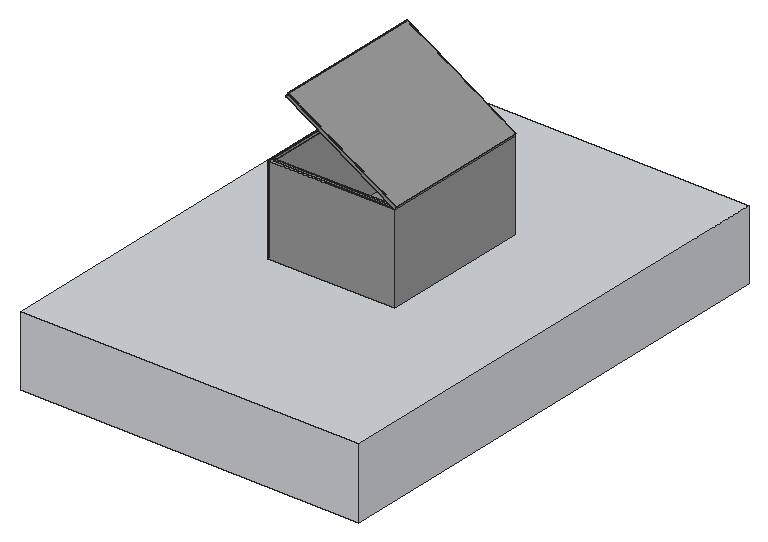
Revit family "Hager-Univers-IP55-D400-H650-Cl.II-Steel_encl-PL-en", category Equipement électrique, Revit 2020
Family settings
  Hôte = Face
  Configuration du panneau = Deux colonnes, circuits au sein
  Cote de connecteur circulaire = Utiliser le diamètre
  Type d'élément = Tableau de raccordement
  Couper avec des vides une fois chargée = Non
  Partagée = Non
  Point de calcul de pièce = Non
Parameters (values of type "Surface mounted (plaster) IP55 W550 H650 D400  - FR42H")
  Width Control [instance] = if([EF000008 - Width] > Min Width, [EF000008 - Width], Min Width)  # 550 mm
  Commentaires du type = [HG000003 - Range]  # "Univers"
  Thickness Door [instance] = if([EF009171 - Material plate thickness door/cover] > 3 mm, 3 mm, [EF009171 - Material plate thickness door/cover])  # 1.5 mm
  Seal Frame Offset [instance] = 17 mm  # constant formula
  Plinth Visibility [instance] = [HG000027 - Plinth height] > 0 mm  # no
  Model = ""
  Min Width [instance] = 100 mm  # constant formula
  Min Height [instance] = 100 mm  # constant formula
  Min Depth [instance] = (2 * [EF009170 - Material plate thickness cabinet]) + 1 mm  # 4 mm
  Internal Frame Depth [instance] = (Door System Depth * 0.5)  # 9 mm
  Height Control [instance] = if([EF000040 - Height] > Min Height, [EF000040 - Height], Min Height)  # 650 mm
  HG000027 - Plinth height = 0 mm
  HG000026 - Floor standing = no
  HG000024 - Bottom section height = 800 mm
  HG000023 - Double section enclosure = no
  HG000016 - Door 3d visibility [instance] = yes
  HG000015 - Clearance visibility [instance] = no
  HG000014 - Door on the right [instance] = yes
  HG000013 - Door on the left [instance] = not([HG000014 - Door on the right])  # no
  HG000012 - Door swing angle [instance] = 30.00°
  HG000010 - Asymmetric doors = no
  HG000009 - Double swing door = no
  HG000006 - Flush mounted = no
  HG000004 - Manufacturer reference = "FR42H"
  HG000003 - Range = "Univers"
  HG000002 - With door or cover = yes
  Frame Offset Bottom [instance] = 10 mm  # constant formula
  Frame Offset [instance] = 15 mm  # constant formula
  EF015940 - Cover with overpressure release = no
  EF011959 - Degree of protection (NEMA) = ""
  EF009554 - Number of openings for flange plates = 4
  EF009212 - Cover model = "EV000116 - Closed"
  EF009171 - Material plate thickness door/cover = 1.5 mm
  EF009170 - Material plate thickness cabinet = 1.5 mm
  Fabricant = "Hager"  # constant formula
  EF008873 - Nominal current (In) = 800 A
  EF007800 - Suitable for lightning protection = no
  EF006306 - With lock = no
  EF006244 - Transparent cover/door = no
  EF005474 - Degree of protection (IP) = "EV006420 - IP55"
  EF004464 - Type of door = "EV002646 - Single"
  EF004427 - Number of modules = 96
  EF004293 - Impact strength = "EV008784 - IK10"
  EF003532 - Suitable for outdoor use = no
  EF002950 - Width in number of modular spacings = 2
  EF001613 - Circuit integrity = "EV000494 - None"
  EF001596 - Material housing = "EV000179 - Steel"
  EF001131 - Internal depth = 400 mm
  EF001088 - Extension possible = yes
  EF000437 - Number of conduit inlets = 4
  EF000339 - Type of cover = "EV004216 - Door"
  EF000266 - Number of rows = 4
  EF000218 - Built-in depth = 0 mm
  EF000118 - With mounting plate = no
  EF000116 - RAL-number = "7035"
  EF000049 - Depth = 400 mm
  EF000040 - Height = 650 mm
  EF000008 - Width = 550 mm
  EF000007 - Colour = "EV000270 - Grey"
  EF000003 - Mounting method = "EV000384 - Surface mounted (plaster)"
  Door System Leaf Tolerance [instance] = 1.5 mm  # constant formula
  Door System Depth [instance] = 18 mm  # constant formula
  Door Height [instance] = Height Control - [HG000027 - Plinth height]  # 650 mm
  Depth Control [instance] = if([EF000049 - Depth] > Min Depth, [EF000049 - Depth], Min Depth)  # 400 mm
  Default Elevation = 0 mm
  Connector Offset [instance] = Height Control / 2  # 325 mm
  Bottom Top Plate Trim [instance] = 1.5 mm  # constant formula
  Plinth height Ctrl [instance] = if([HG000027 - Plinth height] > 0 mm, [HG000027 - Plinth height], 12 mm)  # 12 mm
Types (3, lengths in mm): name | Width Control | HG000009 - Double swing door | HG000004 - Manufacturer reference | EF009554 - Number of openings for flange plates | EF004464 - Type of door | EF004427 - Number of modules | EF002950 - Width in number of modular spacings | EF000437 - Number of conduit inlets | EF000008 - Width
  Surface mounted (plaster) IP55 W1050 H650 D400  - FR44H | 1050 | no | "FR44H" | 8 | "EV002646 - Single" | 288 | 4 | 8 | 1050
  Surface mounted (plaster) IP55 W1550 H650 D400  - FR46H | 1550 | yes | "FR46H" | 12 | "EV003602 - Double" | 192 | 6 | 12 | 1550
  Surface mounted (plaster) IP55 W550 H650 D400  - FR42H | 550 | no | "FR42H" | 4 | "EV002646 - Single" | 96 | 2 | 4 | 550
Reference planes
  plane 1 "Center (Front/Back)": y = 0
  plane 2: z = 0
  plane 3 "Center (Left/Right)": x = 0
  plane 4: z = 400
  plane 5: y = 1.5
  plane 6: y = 325
  plane 7: y = 0
  plane 8: y = 650
  plane 9: z = 0
  plane 10: x = -260
  plane 11: x = 260
  plane 12: x = 258.5
  plane 13: x = -258.5
  plane 14: y = 648.5
  plane 15: x = -258
  plane 16: x = -275
  plane 17: x = 258
  plane 18: x = 275
  plane 19: x = 273.5
  plane 20: x = -273.5
  plane 21: y = 11.5
  plane 22: y = 650
  plane 23: y = 633.5
  plane 24: z = 382
  plane 25: z = 1.5
  plane 26: z = 380.5
  plane 27: z = 398.5
Forms (mm)
  Extrusion 1, solid
    sketch origin (0, 0, 0) x (1, 0, 0) y (0, 1, 0)
      loop
        line (-702.964, 1305) -> (-702.964, -811.445) -> (766.763, -811.445) -> (766.763, 1305) -> (-702.964, 1305)
    from 0 to -304.8
  Extrusion 2, solid, material "Hager_Steel_RAL7035_Light_Grey", visible <- "Plinth Visibility", detail levels medium+fine
    sketch origin (0, 0, 0) x (1, 0, 0) y (0, 1, 0)
      loop
        line (-275, 0) -> (275, 0) -> (275, 12) -> (-275, 12) -> (-275, 0)
    from 0 to 382
  Extrusion 3, solid, material "Hager_Steel_RAL7035_Light_Grey", detail levels medium+fine
    sketch origin (0, 0, 0) x (1, 0, 0) y (0, 1, 0)
      loop
        line (-275, 0) -> (275, 0) -> (275, 650) -> (-275, 650) -> (-275, 0)
    from 0 to 382
  Extrusion 4, void
    sketch origin (0, 0, 0) x (1, 0, 0) y (0, 1, 0)
      loop
        line (-273.5, 1.5) -> (273.5, 1.5) -> (273.5, 648.5) -> (-273.5, 648.5) -> (-273.5, 1.5)
    from 1.5 to 380.5
  Extrusion 5, void
    sketch origin (-381.607, -4572, 382) x (0, -1, 0) y (-1, 0, 0)
      loop
        line (-4583.5, -123.107) -> (-5205.5, -123.107) -> (-5205.5, -640.107) -> (-4583.5, -640.107) -> (-4583.5, -123.107)
    from 0 to 1.5 <- "EF009170 - Material plate thickness cabinet"
  Extrusion 6, solid, material "Hager_Steel_RAL7035_Light_Grey", detail levels fine
    sketch origin (0, 0, 382) x (1, 0, 0) y (0, 1, 0)
      loop
        line (-258.5, 633.5) -> (-258.5, 11.5) -> (258.5, 11.5) -> (258.5, 633.5) -> (-258.5, 633.5)
      loop
        line (-260, 10) -> (260, 10) -> (260, 635) -> (-260, 635) -> (-260, 10)
    from 0 to 9 <- "Internal Frame Depth"
  Extrusion 7, solid, material "Hager_Steel_RAL7035_Light_Grey", detail levels coarse
    sketch origin (0, 0, 0) x (1, 0, 0) y (0, 1, 0)
      loop
        line (-275, 0) -> (275, 0) -> (275, 650) -> (-275, 650) -> (-275, 0)
    from 0 to 400
  Sweep 8, void
    path in 3D
      loop
        line (-275, 12, 0) -> (275, 12, 0) -> (275, 12, 382) -> (-275, 12, 382) -> (-275, 12, 0)
    profile origin (-275, 12, 191) x (-1, 0, 0) y (0, -1, 0)
      loop
        line (0, 0) -> (0, 1.5) -> (-1.5, 1.5)
        arc (-1.5, 1.5) -> (-1.061, 0.439) -> (0, 0) r 1.5
Cuts and joins
  Extrusion 4, Extrusion 5 cuts Extrusion 3
  Sweep 8 cuts Extrusion 2
Lines and regions (mm)
  Masking region 1
    outline origin (0, 0, 0) x (1, 0, 0) y (0, 0, 1)
      loop
        line (-275, 400) -> (-275, 0) -> (275, 0) -> (275, 400) -> (-275, 400)
  Masking region 2, detail levels medium+fine
    outline origin (0, 140, 0) x (0, 1, 0) y (0, 0, 1)
      loop
        line (-140, 0) -> (510, 0) -> (510, 382) -> (-140, 382) -> (-140, 0)
  Masking region 3, not visible, detail levels medium+fine
    outline origin (0, 297.922, 0) x (0, 1, 0) y (0, 0, 1)
      loop
        line (38.578, 0) -> (78.578, 0) -> (78.578, 388.5)
        arc (78.578, 388.5) -> (75.649, 395.571) -> (68.578, 398.5) r 10
        line (68.578, 398.5) -> (38.578, 398.5) -> (38.578, 0)
  Masking region 4, detail levels coarse
    outline origin (0, 0, 180) x (0, 1, 0) y (0, 0, 1)
      loop
        line (0, -180) -> (650, -180) -> (650, 220) -> (0, 220) -> (0, -180)
  Masking region 5, visible <- "Plinth Visibility", detail levels medium+fine
    outline origin (0, 52.24, 12.345) x (0, 0, -1) y (0, 1, 0)
      loop
        line (10.845, -40.24) -> (-368.155, -40.24)
        arc (-368.155, -40.24) -> (-368.594, -41.301) -> (-369.655, -41.74) r 1.5
        line (-369.655, -41.74) -> (-369.655, -52.24) -> (12.345, -52.24) -> (12.345, -41.74)
        arc (12.345, -41.74) -> (11.285, -41.301) -> (10.845, -40.24) r 1.5
  Masking region 6, detail levels medium+fine
    outline origin (-381.607, -4572, 382) x (-1, 0, 0) y (0, -1, 0)
      loop
        line (-106.607, -5222) -> (-106.607, -4572) -> (-656.607, -4572) -> (-656.607, -5222) -> (-106.607, -5222)
  Masking region 7, visible <- "Plinth Visibility", detail levels medium+fine
    outline origin (-381.607, -4727, 382) x (-1, 0, 0) y (0, -1, 0)
      loop
        arc (-108.107, -4739) -> (-107.668, -4737.939) -> (-106.607, -4737.5) r 1.5
        line (-106.607, -4737.5) -> (-106.607, -4727) -> (-656.607, -4727) -> (-656.607, -4737.5)
        arc (-656.607, -4737.5) -> (-655.546, -4737.939) -> (-655.107, -4739) r 1.5
        line (-655.107, -4739) -> (-108.107, -4739)
  Masking region 8, detail levels coarse
    outline origin (-442.548, -4669.526, 382) x (-1, 0, 0) y (0, -1, 0)
      loop
        line (-167.548, -5319.526) -> (-167.548, -4669.526) -> (-717.548, -4669.526) -> (-717.548, -5319.526) -> (-167.548, -5319.526)
  sketch lines
    curve 1: line (-275, 12, 382) -> (-275, 12, 0)
    curve 2: line (275, 12, 382) -> (-275, 12, 382)
    curve 3: line (275, 12, 382) -> (275, 12, 0)
    curve 4: line (-275, 12, 0) -> (275, 12, 0)
Dimensions and locks
  "Depth Control": plane 4 to Extrusion 1
  "HG000027 - Plinth height": plane 1 "Center (Front/Back)" to plane 7
  "EF009170 - Material plate thickness cabinet": plane 5 to plane 7
  locked: connector elem to plane 3 "Center (Left/Right)"
  equal spacing: plane 8, plane 6, plane 7
  locked: connector elem to plane 6
  "EF009170 - Material plate thickness cabinet": plane 8 to plane 14
  "EF009170 - Material plate thickness cabinet": plane 10 to plane 13
  "EF009170 - Material plate thickness cabinet": plane 12 to plane 11
  "Frame Offset": plane 20 to plane 13
  "Frame Offset": plane 12 to plane 19
  "EF009170 - Material plate thickness cabinet": plane 16 to plane 20
  "EF009170 - Material plate thickness cabinet": plane 19 to plane 18
  "Seal Frame Offset": plane 16 to plane 15
  "Seal Frame Offset": plane 17 to plane 18
  "Frame Offset Bottom": plane 21 to plane 5
  "Frame Offset": plane 14 to plane 23
  equal spacing: plane 16, plane 3 "Center (Left/Right)", plane 18
  "Width Control": plane 16 to plane 18
  "EF009170 - Material plate thickness cabinet": plane 4 to plane 27
  "EF009170 - Material plate thickness cabinet": plane 24 to plane 26
  "EF009170 - Material plate thickness cabinet": plane 25 to level
  "Door System Depth": plane 4 to plane 24
  "Height Control": plane 1 "Center (Front/Back)" to Extrusion 7 sketch curve
  "Height Control": Masking region 4 sketch curve to plane 1 "Center (Front/Back)"
  "Height Control": plane 1 "Center (Front/Back)" to plane 22
  "Bottom Top Plate Trim": profile plane to Sweep 8 sketch curve
  "Bottom Top Plate Trim": Sweep 8 sketch curve to profile plane
  "Plinth height Ctrl": plane 1 "Center (Front/Back)" to Extrusion 2 sketch curve
  "Plinth height Ctrl": Masking region 5 sketch curve to plane 1 "Center (Front/Back)"
  "Plinth height Ctrl": plane 1 "Center (Front/Back)" to Masking region 7 sketch curve
  "Thickness Door": Extrusion 6 sketch curve to Extrusion 6 sketch curve  (x3)
  "Thickness Door": cut or joined group of Extrusion 3, Extrusion 4, Extrusion 5 to Extrusion 6 sketch curve
  radius of Masking region 3 sketch curve = 10 mm
  "Bottom Top Plate Trim": radius of Masking region 5 sketch curve  (x2)
  "Bottom Top Plate Trim": radius of Sweep 8 sketch curve
  "Bottom Top Plate Trim": radius of Masking region 7 sketch curve  (x2)
  aligned and locked: plane 2 to Extrusion 1
  aligned and locked: level to Extrusion 1
  aligned and locked: level to Masking region 1 sketch curve
  aligned and locked: Masking region 1 sketch curve to plane 18
  aligned and locked: Masking region 1 sketch curve to plane 16
  aligned and locked: plane 7 to Masking region 2 sketch curve
  aligned and locked: level to Masking region 3 sketch curve
  aligned and locked: Masking region 3 sketch curve to plane 27
  aligned and locked: level to Masking region 2 sketch curve
  aligned and locked: plane 1 "Center (Front/Back)" to Extrusion 2 sketch curve
  aligned and locked: Extrusion 3 sketch curve to plane 7
  aligned and locked: plane 16 to Extrusion 3 sketch curve
  aligned and locked: plane 18 to Extrusion 3 sketch curve
  aligned and locked: plane 20 to Extrusion 4 sketch curve
  aligned and locked: plane 19 to Extrusion 4 sketch curve
  aligned and locked: Extrusion 4 sketch curve to plane 5
  aligned and locked: Extrusion 4 to plane 25
  aligned and locked: plane 26 to Extrusion 4
  aligned and locked: plane 24 to Extrusion 3
  aligned and locked: Extrusion 5 sketch curve to plane 21
  aligned and locked: Extrusion 5 sketch curve to plane 13
  aligned and locked: Extrusion 5 sketch curve to plane 12
  aligned and locked: plane 18 to Extrusion 7 sketch curve
  aligned and locked: plane 1 "Center (Front/Back)" to Extrusion 7 sketch curve
  aligned and locked: plane 16 to Extrusion 7 sketch curve
  aligned and locked: plane 4 to Extrusion 7
  aligned and locked: Extrusion 7 to level
  aligned and locked: level to Masking region 4 sketch curve
  aligned and locked: Masking region 4 sketch curve to plane 1 "Center (Front/Back)"
  aligned and locked: Masking region 4 sketch curve to plane 4
  aligned and locked: nested 1 to level
  aligned and locked: nested 1 to plane 16
  aligned and locked: plane 8 to Extrusion 3 sketch curve
  aligned and locked: plane 23 to Extrusion 5 sketch curve
  aligned and locked: plane 14 to Extrusion 4 sketch curve
  aligned and locked: Masking region 2 sketch curve to plane 8
  aligned and locked: level to Masking region 5 sketch curve
  aligned and locked: plane 16 to Extrusion 2 sketch curve
  aligned and locked: plane 18 to Extrusion 2 sketch curve
  aligned and locked: Masking region 5 sketch curve to plane 24
  aligned and locked: Masking region 2 sketch curve to plane 24
  aligned and locked: plane 24 to Extrusion 2
  aligned and locked: profile plane to Sweep 8 sketch curve  (x2)
  aligned and locked: Masking region 6 sketch curve to plane 18
  aligned and locked: Masking region 6 sketch curve to plane 22
  aligned and locked: Masking region 6 sketch curve to plane 16
  aligned and locked: plane 8 to plane 22
  aligned and locked: plane 7 to Masking region 6 sketch curve
  aligned and locked: Masking region 7 sketch curve to plane 16
  aligned and locked: Masking region 7 sketch curve to plane 1 "Center (Front/Back)"
  aligned and locked: Masking region 7 sketch curve to plane 18
  aligned and locked: Masking region 8 sketch curve to plane 1 "Center (Front/Back)"
  aligned and locked: Masking region 8 sketch curve to plane 18
  aligned and locked: Masking region 8 sketch curve to plane 22
  aligned and locked: Masking region 8 sketch curve to plane 16
  aligned and locked: nested 2 to plane 7
  aligned and locked: plane 3 "Center (Left/Right)" to nested 2
  aligned and locked: nested 2 to plane 24
  aligned and locked: Extrusion 6 sketch curve to cut or joined group of Extrusion 3, Extrusion 4, Extrusion 5  (x4)
Automatic sketch dimensions
  Extrusion 1 sketch curve to Extrusion 1 sketch curve = 1469.727 mm
  Extrusion 1 sketch curve to Extrusion 1 sketch curve = 2116.445 mm
  Masking region 1 sketch curve to plane 4 = 0 mm
  plane 6 to Masking region 3 sketch curve = 11.5 mm
  Masking region 3 sketch curve to Masking region 3 sketch curve = 30 mm
  Masking region 5 sketch curve to plane 1 "Center (Front/Back)" = 0 mm
Nested families
  nested 1: "Hager_Enclosure_Symbol" at (-275, 0, 0) x (1, 0, 0) z (0, -1, 0), Height <- "Depth Control", Width <- "Width Control", type "Hager_Enclosure_Symbol"
    with Width_Ctrl 550 mm, Width 550 mm, Height_Ctrl 400 mm, Height 400 mm, A_Width_Int 26.25 mm, A_Width 315 mm, A_Height_Ctrl 350 mm, A_Height 350 mm
  nested 2: "EC000058_Univers_Door" at (0, 0, 382) x (1, 0, 0) z (0, 1, 0), Leaf_Tolerance <- "Door System Leaf Tolerance", Angle <- "HG000012 - Door swing angle", Door_Depth <- "Door System Depth", Door_Left <- "HG000013 - Door on the left", Transparent <- "EF006244 - Transparent cover/door", Assymetrical <- "HG000010 - Asymmetric doors", Width <- "Width Control", Clearance <- "HG000015 - Clearance visibility", Double <- "HG000009 - Double swing door", 3d_Door <- "HG000016 - Door 3d visibility", Lock_Visibility <- "EF006306 - With lock", Width_Ctrl <- "Width Control", Door_Right <- "HG000014 - Door on the right", Door <- "HG000002 - With door or cover", Height <- "Door Height", Thickness <- "Thickness Door", type "EC000058_Univers_Door", detail levels medium+fine
    with min_wh 4 mm, Width_Ctrl 550 mm, Width 550 mm, Transparent no, Thickness 1.5 mm, Seal_Material Hager_Rubber, Lock_Visibility no, Lock_Material Hager_Plastic_RAL9005_Jet_Black, Leaf_Width 550 mm, Leaf_Tolerance_External_Sides 0 mm, Leaf_Tolerance 1.5 mm, Leaf_Offset 0 mm, Leaf_Height 647 mm, Leaf_2_Width 550 mm, Leaf_2_Offset 275 mm, Leaf_1_Width 550 mm, Leaf_1_Offset 275 mm, Height_Ctrl 650 mm, Height 650 mm, Glass_Material Hager_Glass, Double_Clearance_Ctrl no, Double no, Door_Right_Ctrl yes, Door_Right yes, Door_Material Hager_Steel_RAL7035_Light_Grey, Door_Left_Ctrl no, Door_Left no, Door_Depth 18 mm, Door yes, Clearance_Material Hager_Clearance, Clearance_Depth 550 mm, Clearance_Ctrl no, Clearance no, Assymetrical no, Angle 30.00°, 3d_Door yes
Connectors
  electrical at (0, 325, 0)
    settings: on plane 9, index 1, voltage 0 V, apparent load 0 VA, apparent load phase1 0 VA, apparent load phase2 0 VA, apparent load phase3 0 VA, power factor 1, load classification "Other", number of poles 1, system type 30, power factor state 1, is connector primary yes, connector utility no, sub classification motor no, connector description ""
Definition of nested family "EC000058_Univers_Door"
  Parameters (values of type "EC000058_Univers_Door")
    min_wh [instance] = (2 * Thickness) + 1 mm  # 11 mm
    Width_Ctrl [instance] = 400 mm
    Width [instance] = 500 mm
    Transparent [instance] = yes
    Thickness [instance] = 5 mm
    Seal_Material [instance] = none
    Lock_Visibility [instance] = yes
    Lock_Material [instance] = none
    Leaf_Width [instance] = if((Width_Ctrl - 2 * Leaf_Tolerance_External_Sides) > 0 mm, (Width_Ctrl - 2 * Leaf_Tolerance_External_Sides), min_wh)  # 400 mm
    Leaf_Tolerance_External_Sides [instance] = 0 mm  # constant formula
    Leaf_Tolerance [instance] = 1.5 mm
    Leaf_Offset [instance] = 0 mm  # constant formula
    Leaf_Height [instance] = if((Height_Ctrl - 2 * Leaf_Tolerance) > 0 mm, (Height_Ctrl - 2 * Leaf_Tolerance), min_wh)  # 497 mm
    Leaf_2_Width [instance] = if(and(and(Double, Assymetrical), Door_Left), (Leaf_Width / 3) - (Leaf_Tolerance / 2), if(and(and(Double, Assymetrical), Door_Right), (Leaf_Width / 3) * 2 - (Leaf_Tolerance / 2), if(and(Double, not(Assymetrical)), (Leaf_Width / 2) - Leaf_Tolerance, Leaf_Width)))  # 400 mm
    Leaf_2_Offset [instance] = if(and(Double, Assymetrical), Leaf_2_Width / 2, if(and(Double, not(Assymetrical)), Leaf_Width / 4, Leaf_Width / 2))  # 200 mm
    Leaf_1_Width [instance] = if(and(and(Double, Assymetrical), Door_Right), (Leaf_Width / 3) - (Leaf_Tolerance / 2), if(and(and(Double, Assymetrical), Door_Left), (Width / 3) * 2 - (Leaf_Tolerance / 2), if(and(Double, not(Assymetrical)), (Leaf_Width / 2) - Leaf_Tolerance, Leaf_Width)))  # 400 mm
    Leaf_1_Offset [instance] = if(and(Double, Assymetrical), Leaf_1_Width / 2, if(and(Double, not(Assymetrical)), Leaf_Width / 4, Leaf_Width / 2))  # 200 mm
    Height_Ctrl [instance] = if(Height > min_wh, Height, min_wh)  # 500 mm
    Height [instance] = 500 mm
    Glass_Material [instance] = none
    Double_Clearance_Ctrl [instance] = and(Double, Clearance)  # no
    Double [instance] = no
    Door_Right_Ctrl [instance] = and(or(Door_Right, Double), Door)  # yes
    Door_Right [instance] = yes
    Door_Material [instance] = none
    Door_Left_Ctrl [instance] = and(or(Door_Left, Double), Door)  # no
    Door_Left [instance] = no
    Door_Depth [instance] = 30 mm
    Door [instance] = yes
    Default Elevation = 1219.2 mm
    Clearance_Material [instance] = none
    Clearance_Depth [instance] = if(Leaf_1_Width > Leaf_2_Width, Leaf_1_Width, Leaf_2_Width)  # 400 mm
    Clearance_Ctrl [instance] = and(not(Double), Clearance)  # yes
    Clearance [instance] = yes
    Assymetrical [instance] = yes
    Angle [instance] = 30.00°
    3d_Door [instance] = yes
  Reference planes
    plane 1 "Center (Front/Back)": y = 0
    plane 2 "Bottom": z = 0
    plane 3 "Center (Left/Right)": x = 0
    plane 4: z = 500
    plane 5: x = -200
    plane 6: x = 200
    plane 7: z = 500
    plane 8: x = -200
    plane 9: z = 0
    plane 10: x = 200
    plane 11: y = 0
    plane 12: z = 1.5
    plane 13: x = -600
    plane 14: y = -400
    plane 15: x = 600
    plane 16: x = 0
    plane 17: x = 0
    plane 18: x = -200
    plane 19: x = 200
    plane 20: z = 498.5
  Forms (mm)
    Extrusion 1, solid, material <- "Clearance_Material", visible <- "Double_Clearance_Ctrl"
      sketch origin (1200, 0, 0) x (1, 0, 0) y (0, 0, -1)
        loop
          line (-1800, -498.5) -> (-600, -498.5) -> (-600, 0) -> (-1800, 0) -> (-1800, -498.5)
      from 0 to -400
  Dimensions and locks
    equal spacing: plane 5, plane 3 "Center (Left/Right)", plane 6
    "Width_Ctrl": plane 5 to plane 6
    "Leaf_Offset": plane 5 to plane 8
    "Leaf_Offset": plane 6 to plane 10
    "Leaf_Offset": plane 9 to level
    "Leaf_Offset": plane 4 to plane 7
    "Height_Ctrl": plane 4 to level
    "Leaf_Tolerance": plane 12 to plane 9
    locked: plane 11 to plane 1 "Center (Front/Back)"
    "Leaf_1_Offset": plane 18 to plane 16
    "Leaf_2_Offset": plane 17 to plane 19
    "Leaf_1_Width": plane 13 to plane 8
    "Leaf_2_Width": plane 10 to plane 15
    "Clearance_Depth": plane 14 to plane 1 "Center (Front/Back)"
    "Leaf_Tolerance_External_Sides": plane 8 to plane 18
    "Leaf_Tolerance_External_Sides": plane 19 to plane 10
    "Leaf_Tolerance": plane 7 to plane 20
    aligned and locked: level to plane 2 "Bottom"
    aligned and locked: nested 1 to plane 16
    aligned and locked: nested 2 to plane 17
    aligned and locked: Extrusion 1 to plane 13
    aligned and locked: plane 15 to Extrusion 1
    aligned and locked: Extrusion 1 to plane 14
    aligned and locked: plane 12 to nested 1
    aligned and locked: nested 2 to plane 12
    aligned and locked: Extrusion 1 to plane 11
    aligned and locked: plane 20 to Extrusion 1
    aligned and locked: nested 2 to plane 11
    aligned and locked: nested 1 to plane 11
  Automatic sketch dimensions
    Extrusion 1 sketch curve to level = 0 mm
    plane 5 to Extrusion 1 sketch curve = 400 mm
    plane 6 to Extrusion 1 sketch curve = 400 mm
    Extrusion 1 sketch curve to plane 4 = 1.5 mm
  Nested families
    nested 1: "EC000058_Univers_Door_Leaf" at (0, 0, 1.5), Width <- "Leaf_1_Width", visible <- "Door_Left_Ctrl", Leaf_Height <- "Leaf_Height", Angle <- "Angle", 3d_Door <- "3d_Door", Transparent <- "Transparent", Clearance Material <- "Clearance_Material", Clearance <- "Clearance_Ctrl", Door_Material <- "Door_Material", Glass_Material <- "Glass_Material", Door_Depth <- "Door_Depth", Lock_Material <- "Lock_Material", Seal_Material <- "Seal_Material", Lock_Visibility <- "Lock_Visibility", Thickness <- "Thickness", type "EC000058_Univers_Door_Leaf"
      with Width 400 mm, Transparent_Glass_Offset 30 mm, Transparent_Ctrl yes, Transparent yes, Thickness 5 mm, Standard no, Seal_Material none, Seal_D2 8 mm, Seal_D1 1 mm, Offset_Internal_Frame 10 mm, Lock_Width 20 mm, Lock_Visibility_3d yes, Lock_Visibility yes, Lock_Thickness_3 3 mm, Lock_Thickness_2 1 mm, Lock_Thickness_1 3 mm, Lock_Radius_Offset_2 16 mm, Lock_Radius_Offset_1 15 mm, Lock_Radius_2 5 mm, Lock_Radius 6 mm, Lock_Offset 5 mm, Lock_Material none, Lock_Height 80 mm, Lock_Cover_Top_Offset_2d 17 mm, Lock_Cover_Height -65 mm, Leaf_Height 497 mm, Internal_Seal_Thickness 8 mm, Internal_Seal_Depth_2 4.5 mm, Internal_Frame_Depth 25 mm, Glass_Thickness -1 mm, Glass_Offset -2 mm, Glass_Material none, Door_Material none, Door_Depth 30 mm, Clearance Material none, Clearance yes, Angle_Ctrl 30.00°, Angle 30.00°, 3d_Door yes
    nested 2: "EC000058_Univers_Door_Leaf" at (0, 0, 1.5) x (-1, 0, 0) z (0, 0, 1), Width <- "Leaf_2_Width", visible <- "Door_Right_Ctrl", Leaf_Height <- "Leaf_Height", Angle <- "Angle", 3d_Door <- "3d_Door", Transparent <- "Transparent", Clearance Material <- "Clearance_Material", Clearance <- "Clearance_Ctrl", Door_Material <- "Door_Material", Glass_Material <- "Glass_Material", Door_Depth <- "Door_Depth", Lock_Material <- "Lock_Material", Seal_Material <- "Seal_Material", Lock_Visibility <- "Lock_Visibility", Thickness <- "Thickness", type "EC000058_Univers_Door_Leaf"
      with Width 400 mm, Transparent_Glass_Offset 30 mm, Transparent_Ctrl yes, Transparent yes, Thickness 5 mm, Standard no, Seal_Material none, Seal_D2 8 mm, Seal_D1 1 mm, Offset_Internal_Frame 10 mm, Lock_Width 20 mm, Lock_Visibility_3d yes, Lock_Visibility yes, Lock_Thickness_3 3 mm, Lock_Thickness_2 1 mm, Lock_Thickness_1 3 mm, Lock_Radius_Offset_2 16 mm, Lock_Radius_Offset_1 15 mm, Lock_Radius_2 5 mm, Lock_Radius 6 mm, Lock_Offset 5 mm, Lock_Material none, Lock_Height 80 mm, Lock_Cover_Top_Offset_2d 17 mm, Lock_Cover_Height -65 mm, Leaf_Height 497 mm, Internal_Seal_Thickness 8 mm, Internal_Seal_Depth_2 4.5 mm, Internal_Frame_Depth 25 mm, Glass_Thickness -1 mm, Glass_Offset -2 mm, Glass_Material none, Door_Material none, Door_Depth 30 mm, Clearance Material none, Clearance yes, Angle_Ctrl 30.00°, Angle 30.00°, 3d_Door yes
  Definition of nested family "EC000058_Univers_Door_Leaf"
    Parameters (values of type "EC000058_Univers_Door_Leaf")
      Width [instance] = 2000 mm
      Transparent_Glass_Offset [instance] = 30 mm
      Transparent_Ctrl [instance] = and(Transparent, [3d_Door])  # yes
      Transparent [instance] = yes
      Thickness [instance] = 5 mm
      Standard [instance] = and(not(Transparent), [3d_Door])  # no
      Seal_Material [instance] = none
      Seal_D2 [instance] = 8 mm  # constant formula
      Seal_D1 [instance] = 1 mm  # constant formula
      Offset_Internal_Frame [instance] = 10 mm  # constant formula
      Lock_Width [instance] = 20 mm  # constant formula
      Lock_Visibility_3d [instance] = and(Lock_Visibility, [3d_Door])  # yes
      Lock_Visibility [instance] = yes
      Lock_Thickness_3 [instance] = 3 mm  # constant formula
      Lock_Thickness_2 [instance] = 1 mm  # constant formula
      Lock_Thickness_1 [instance] = 3 mm  # constant formula
      Lock_Radius_Offset_2 [instance] = Lock_Radius_Offset_1 + 1 mm  # 16 mm
      Lock_Radius_Offset_1 [instance] = 15 mm  # constant formula
      Lock_Radius_2 [instance] = Lock_Radius - 1 mm  # 5 mm
      Lock_Radius [instance] = 6 mm  # constant formula
      Lock_Offset [instance] = 5 mm  # constant formula
      Lock_Material [instance] = none
      Lock_Height [instance] = 80 mm  # constant formula
      Lock_Cover_Top_Offset_2d [instance] = Lock_Radius_Offset_2 + 1 mm  # 17 mm
      Lock_Cover_Height [instance] = -(Lock_Height - Lock_Radius_Offset_1)  # -65 mm
      Leaf_Height [instance] = 2720.336 mm
      Internal_Seal_Thickness [instance] = 8 mm  # constant formula
      Internal_Seal_Depth_2 [instance] = 4.5 mm  # constant formula
      Internal_Frame_Depth [instance] = if(Door_Depth - Thickness > 5 mm, Door_Depth - Thickness, 5 mm)  # 25 mm
      Glass_Thickness [instance] = if(Thickness > 15 mm, Glass_Offset + 10 mm, -1 mm)  # -1 mm
      Glass_Offset [instance] = if(Thickness > 15 mm, -(Thickness + 10 mm) / 2, -2 mm)  # -2 mm
      Glass_Material [instance] = none
      Door_Material [instance] = none
      Door_Depth [instance] = 30 mm
      Default Elevation = 0 mm
      Clearance Material [instance] = none
      Clearance [instance] = yes
      Angle_Ctrl [instance] = if(Angle > 180.00°, 180.00°, Angle)  # 90.00°
      Angle [instance] = 90.00°
      3d_Door [instance] = yes
    Reference planes
      plane 1 "Center (Front/Back)": y = 0
      plane 2: z = 0
      plane 3 "Center (Left/Right)": x = 0
      plane 4: y = 2000
      plane 5: x = -1000
      plane 6: x = 1000
      plane 7: x = -3000
      plane 8: z = 2720.336
      plane 9: z = 30
      plane 10: z = 2690.336
      plane 11: x = 970
      plane 12: x = -970
      plane 13: y = -3
      plane 14: z = 107.833
      plane 15: y = -5
      plane 16: y = -223.314
      plane 17: x = -1000
      plane 18: z = 1360.168
      plane 19: y = 30
    Forms (mm)
      Extrusion 1, solid, material <- "Clearance Material", visible <- "Clearance"
        sketch origin (0, 0, 0) x (1, 0, 0) y (0, 0, 1)
          loop
            line (-3000, 2720.336) -> (-3000, 0) -> (1000, 0) -> (1000, 2720.336) -> (-3000, 2720.336)
        from 0 to -2000
      Extrusion 2, solid, material <- "Door_Material", visible <- "Standard", detail levels medium+fine
        sketch origin (-1000, 0, 0) x (0, 1, 0) y (-1, 0, 0)
          loop
            line (0, 30) -> (0, 25) -> (2000, 25) -> (2000, 30) -> (0, 30)
        from 0 to 2720.336 <- "Leaf_Height"
      Extrusion 3, solid, material <- "Door_Material", visible <- "Transparent_Ctrl", detail levels medium+fine
        sketch origin (-1000, 0, 0) x (0, 1, 0) y (-1, 0, 0)
          loop
            line (0, 25) -> (2000, 25) -> (2000, 30) -> (0, 30) -> (0, 25)
        from 0 to 2720.336 <- "Leaf_Height"
      Extrusion 4, void
        sketch origin (-1025, 2000, 0) x (0, 1, 0) y (0, 0, -1)
          loop
            line (-30, -2690.336) -> (-30, -30) -> (-1970, -30) -> (-1970, -2690.336) -> (-30, -2690.336)
        from 0 to 5 <- "Thickness"
      Sweep 5, solid, material <- "Seal_Material", visible <- "Transparent_Ctrl", detail levels fine
        path in 3D
          loop
            line (-1025, 30, 30) -> (-1025, 30, 2690.336) -> (-1025, 1970, 2690.336) -> (-1025, 1970, 30) -> (-1025, 30, 30)
        profile origin (-1025, 1000, 30) x (1, 0, 0) y (0, 0, 1)
          loop
            line (0, 0) -> (0, -8) -> (1, -8) -> (1, 0) -> (0, 0)
      Extrusion 6, solid, material <- "Glass_Material", visible <- "Transparent_Ctrl", detail levels medium+fine
        sketch origin (-1030, 0, 0) x (0, 1, 0) y (0, 0, -1)
          loop
            line (1970, -2690.336) -> (1970, -30) -> (30, -30) -> (30, -2690.336) -> (1970, -2690.336)
        from -2 <- "Glass_Offset" to -1 <- "Glass_Thickness"
      Extrusion 7, solid, material <- "Door_Material", visible <- "3d_Door", detail levels medium+fine
        sketch origin (-1025, 2000, 0) x (0, -1, 0) y (0, 0, -1)
          loop
            line (0, -2720.336) -> (2000, -2720.336) -> (2000, 0) -> (0, 0) -> (0, -2720.336)
          loop
            line (1995, -5) -> (5, -5) -> (5, -2715.336) -> (1995, -2715.336) -> (1995, -5)
        from 0 to 25 <- "Internal_Frame_Depth"
      Sweep 8, solid, material <- "Seal_Material", visible <- "Transparent_Ctrl", detail levels fine
        path in 3D
          loop
            line (-1025, 0, 0) -> (-1025, 2000, 0) -> (-1025, 2000, 2720.336) -> (-1025, 0, 2720.336) -> (-1025, 0, 0)
        profile origin (-1025, 0, 1360.168) x (1, 0, 0) y (0, 1, 0)
          loop
            line (0, 10) -> (2.975, 10)
            arc (2.975, 10) -> (4.053, 10.447) -> (4.5, 11.525) r 1.525
            line (4.5, 11.525) -> (4.5, 16.527)
            arc (4.5, 16.527) -> (4.069, 17.569) -> (3.027, 18) r 1.473
            line (3.027, 18) -> (0, 18) -> (0, 10)
      Extrusion 9, solid, material <- "Lock_Material", visible <- "Lock_Visibility_3d", detail levels fine
        sketch origin (-1030, 0, 0) x (0, 1, 0) y (0, 0, -1)
          loop
            arc (1993.5, -1400.168) -> (1994.561, -1399.729) -> (1995, -1398.668) r 1.5
            line (1995, -1398.668) -> (1995, -1320.168) -> (1975, -1320.168) -> (1975, -1398.668)
            arc (1975, -1398.668) -> (1975.439, -1399.729) -> (1976.5, -1400.168) r 1.5
            line (1976.5, -1400.168) -> (1993.5, -1400.168)
        from 3 <- "Lock_Thickness_1" to 0
      Blend 10, solid, material <- "Lock_Material", visible <- "Lock_Visibility_3d", detail levels fine
        base sketch origin (-1033, 0, 0) x (0, 1, 0) y (0, 0, -1)
          loop
            line (1975, -1320.168) -> (1975, -1398.668)
            arc (1975, -1398.668) -> (1975.439, -1399.729) -> (1976.5, -1400.168) r 1.5
            line (1976.5, -1400.168) -> (1993.5, -1400.168)
            arc (1993.5, -1400.168) -> (1994.561, -1399.729) -> (1995, -1398.668) r 1.5
            line (1995, -1398.668) -> (1995, -1320.168) -> (1975, -1320.168)
        top sketch origin (-1033, 0, 0) x (0, 1, 0) y (0, 0, -1)
          loop
            line (1976, -1320.168) -> (1976, -1398.668)
            arc (1976, -1398.668) -> (1976.146, -1399.022) -> (1976.5, -1399.168) r 0.5
            line (1976.5, -1399.168) -> (1993.5, -1399.168)
            arc (1993.5, -1399.168) -> (1993.854, -1399.022) -> (1994, -1398.668) r 0.5
            line (1994, -1398.668) -> (1994, -1320.168) -> (1976, -1320.168)
        from 0 to 1 <- "Lock_Thickness_2"
      Blend 11, solid, material <- "Lock_Material", visible <- "Lock_Visibility_3d", detail levels fine
        base sketch origin (-1034, 0, 0) x (0, 1, 0) y (0, 0, -1)
          loop
            line (1978, -1320.168) -> (1978, -1384.168)
            arc (1978, -1384.168) -> (1985, -1391.168) -> (1992, -1384.168) r 7
            line (1992, -1384.168) -> (1992, -1320.168) -> (1978, -1320.168)
        top sketch origin (-1034, 0, 0) x (0, 1, 0) y (0, 0, -1)
          loop
            line (1991, -1320.168) -> (1979, -1320.168) -> (1979, -1383.168)
            arc (1979, -1383.168) -> (1985, -1389.168) -> (1991, -1383.168) r 6
            line (1991, -1383.168) -> (1991, -1320.168)
        from 0 to 3 <- "Lock_Thickness_3"
      Extrusion 12, solid, material <- "Lock_Material", visible <- "Lock_Visibility_3d", detail levels fine
        sketch origin (-1030, 1975, 1320.168) x (1, 0, 0) y (0, -1, 0)
          loop
            line (-7, -19) -> (-7, -1) -> (0, -1) -> (0, 0) -> (-8, 0) -> (-8, -20) -> (0, -20) -> (0, -19) -> (-7, -19)
        from 0 to -65 <- "Lock_Cover_Height"
      Extrusion 13, void
        sketch origin (-1038, 1995, 1320.168) x (-1, 0, 0) y (0, 0, -1)
          loop
            line (-5, -65) -> (0, -65) -> (-5, -60) -> (-5, -65)
        from 0 to 20 <- "Lock_Width"
      Extrusion 14, void
        sketch origin (-1038, 1975, 1320.168) x (0, -1, 0) y (0, 0, -1)
          loop
            circle (-10, -15.995) r 6
          loop
            circle (-10, -15.995) r 5
        from 0 to 2
      Extrusion 15, solid, material <- "Lock_Material", visible <- "Lock_Visibility_3d", detail levels medium
        sketch origin (-1030, 0, 0) x (0, 1, 0) y (0, 0, -1)
          loop
            arc (1993.5, -1400.168) -> (1994.561, -1399.729) -> (1995, -1398.668) r 1.5
            line (1995, -1398.668) -> (1995, -1320.168) -> (1975, -1320.168) -> (1975, -1398.668)
            arc (1975, -1398.668) -> (1975.439, -1399.729) -> (1976.5, -1400.168) r 1.5
            line (1976.5, -1400.168) -> (1993.5, -1400.168)
        from 8 to 0
    Cuts and joins
      Extrusion 4 cuts Extrusion 3
      Extrusion 13, Extrusion 14 cuts Extrusion 9
      Extrusion 14 cuts Blend 11
      Extrusion 13, Extrusion 14 cuts Extrusion 12
      joined: Extrusion 9, Blend 10, Blend 11, Extrusion 12
      Extrusion 14 cuts Extrusion 15
    Lines and regions (mm)
      Masking region 1, visible <- "Lock_Visibility", detail levels fine
        outline origin (0, 0, 0) x (0, 1, 0) y (0, 0, 1)
          loop
            line (30, 1320.168) -> (33, 1320.168) -> (33, 1400.168) -> (30, 1400.168) -> (30, 1320.168)
      Masking region 2, visible <- "Lock_Visibility", detail levels fine
        outline origin (0, 3.143, 0) x (0, 1, 0) y (0, 0, 1)
          loop
            line (29.857, 1354.168) -> (30.857, 1354.168) -> (30.857, 1366.168) -> (29.857, 1366.168) -> (29.857, 1354.168)
      Masking region 3, detail levels medium+fine
        outline origin (0, 0, 0) x (0, 1, 0) y (0, 0, 1)
          loop
            line (0, 0) -> (30, 0) -> (30, 2720.336) -> (0, 2720.336) -> (0, 0)
      Masking region 4, detail levels medium+fine
        outline origin (0, 0, 0) x (1, 0, 0) y (0, 0, 1)
          loop
            line (-1000, 2720.336) -> (-1000, 0) -> (1000, 0) -> (1000, 2720.336) -> (-1000, 2720.336)
      Masking region 5, visible <- "Lock_Visibility", detail levels fine
        outline origin (-47.116, 0, 0) x (1, 0, 0) y (0, 0, 1)
          loop
            arc (1024.616, 1399.168) -> (1023.556, 1398.729) -> (1023.116, 1397.668) r 1.5
            line (1023.116, 1397.668) -> (1023.116, 1320.168) -> (1041.116, 1320.168) -> (1041.116, 1397.668)
            arc (1041.116, 1397.668) -> (1040.677, 1398.729) -> (1039.616, 1399.168) r 1.5
            line (1039.616, 1399.168) -> (1024.616, 1399.168)
      Masking region 6, visible <- "Lock_Visibility", detail levels medium+fine
        outline origin (-25, 0, 0) x (1, 0, 0) y (0, 0, 1)
          loop
            arc (1001.5, 1400.168) -> (1000.439, 1399.729) -> (1000, 1398.668) r 1.5
            line (1000, 1398.668) -> (1000, 1320.168) -> (1020, 1320.168) -> (1020, 1398.668)
            arc (1020, 1398.668) -> (1019.561, 1399.729) -> (1018.5, 1400.168) r 1.5
            line (1018.5, 1400.168) -> (1001.5, 1400.168)
      Masking region 7, visible <- "Lock_Visibility", detail levels fine
        outline origin (-73.735, 0, 0) x (1, 0, 0) y (0, 0, 1)
          loop
            line (1051.735, 1382.168) -> (1065.735, 1382.168) -> (1065.735, 1384.168)
            arc (1065.735, 1384.168) -> (1058.735, 1391.168) -> (1051.735, 1384.168) r 7
            line (1051.735, 1384.168) -> (1051.735, 1382.168)
      Masking region 8, visible <- "Lock_Visibility", detail levels fine
        outline origin (-73.735, 0, 0) x (1, 0, 0) y (0, 0, 1)
          loop
            line (1052.735, 1382.168) -> (1064.735, 1382.168) -> (1064.735, 1383.168)
            arc (1064.735, 1383.168) -> (1058.735, 1389.168) -> (1052.735, 1383.168) r 6
            line (1052.735, 1383.168) -> (1052.735, 1382.168)
      Masking region 9, visible <- "Lock_Visibility", detail levels fine
        outline origin (-25, 0, 0) x (1, 0, 0) y (0, 0, 1)
          loop
            line (1020, 1320.168) -> (1020, 1382.168) -> (1000, 1382.168) -> (1000, 1320.168) -> (1020, 1320.168)
      Masking region 10, detail levels medium+fine
        outline origin (0, 0, 0) x (1, 0, 0) y (0, 0, 1)
          loop
            circle (985, 1335.144) r 6
      Masking region 11, detail levels fine
        outline origin (0, 0, 0) x (1, 0, 0) y (0, 0, 1)
          loop
            circle (985, 1335.144) r 5
      Masking region 12, visible <- "Lock_Visibility", detail levels fine
        outline origin (0, 12.767, 0) x (0, 1, 0) y (0, 0, 1)
          loop
            line (20.233, 1320.168) -> (21.233, 1320.168) -> (21.233, 1399.168) -> (20.233, 1400.168) -> (20.233, 1320.168)
      Masking region 13, visible <- "Lock_Visibility", detail levels fine
        outline origin (0, 13.767, -10) x (0, 1, 0) y (0, 0, 1)
          loop
            line (20.233, 1330.168) -> (23.233, 1330.168) -> (23.233, 1399.168) -> (20.233, 1402.168) -> (20.233, 1330.168)
      Masking region 14, visible <- "Lock_Visibility", detail levels fine
        outline origin (0, 12.767, -10) x (0, 1, 0) y (0, 0, 1)
          loop
            line (20.233, 1330.168) -> (25.233, 1330.168) -> (25.233, 1399.305) -> (20.233, 1394.305) -> (20.233, 1330.168)
      Masking region 15, visible <- "Lock_Visibility", detail levels medium
        outline origin (0, 0, 0) x (0, 1, 0) y (0, 0, 1)
          loop
            line (30, 1320.168) -> (38, 1320.168) -> (38, 1400.168) -> (30, 1400.168) -> (30, 1320.168)
      Masking region 16, visible <- "Lock_Visibility", detail levels fine
        outline origin (-1000, 0, 0) x (0, 1, 0) y (-1, 0, 0)
          loop
            line (1975, 30) -> (1995, 30) -> (1995, 38) -> (1975, 38) -> (1975, 30)
          loop
            line (1979, 37) -> (1976, 37) -> (1976, 34) -> (1978, 34) -> (1979, 37)
          loop
            line (1994, 37) -> (1991, 37) -> (1992, 34) -> (1994, 34) -> (1994, 37)
      Masking region 17, visible <- "Lock_Visibility", detail levels medium
        outline origin (-1000, 0, 0) x (0, 1, 0) y (-1, 0, 0)
          loop
            line (1975, 30) -> (1995, 30) -> (1995, 38) -> (1975, 38) -> (1975, 30)
      symbolic lines
        curve 1: line (1000, 0, 0) -> (-3000, 0, 0)
        curve 2: arc (1000, 0, 0) -> (-1000, 2000, 0) -> (-3000, 0, 0) r 2000
        curve 4: line (-1030, 0, 0) -> (-1030, 2000, 0)
      reference lines
        curve 3: line (-1000, 0, 0) -> (-1000, 2000, 0)
      symbolic lines, detail levels medium+fine
        curve 5: line (-1030, 2000, 0) -> (-1025, 2000, 0)
        curve 7: line (-1025, 0, 0) -> (-1030, 0, 0)
        curve 8: line (-1025, 0, 0) -> (-1000, 0, 0)
        curve 9: line (-1000, 0, 0) -> (-1000, 2000, 0)
        curve 10: line (-1000, 2000, 0) -> (-1025, 2000, 0)
      symbolic lines, detail levels fine
        curve 6: line (-1025, 2000, 0) -> (-1025, 0, 0)
      sketch lines
        curve 11: line (-1025, 0, 2720.336) -> (-1025, 0, 0)
        curve 12: line (-1025, 2000, 0) -> (-1025, 0, 0)
        curve 13: line (-1025, 2000, 2720.336) -> (-1025, 2000, 0)
        curve 14: line (-1025, 0, 2720.336) -> (-1025, 2000, 2720.336)
        curve 15: line (-1025, 1970, 30) -> (-1025, 30, 30)
        curve 16: line (-1025, 30, 30) -> (-1025, 30, 2690.336)
        curve 17: line (-1025, 1970, 2690.336) -> (-1025, 1970, 30)
        curve 18: line (-1025, 30, 2690.336) -> (-1025, 1970, 2690.336)
      symbolic lines, visible <- "Transparent", detail levels medium+fine
        curve 19: line (-970, 0, 2690.336) -> (970, 0, 2690.336)
        curve 20: line (-970, 0, 30) -> (-970, 0, 2690.336)
        curve 21: line (970, 0, 30) -> (-970, 0, 30)
        curve 22: line (970, 0, 2690.336) -> (970, 0, 30)
    Dimensions and locks
      "Width": plane 1 "Center (Front/Back)" to plane 4
      equal spacing: plane 5, plane 3 "Center (Left/Right)", plane 6
      "Width": plane 5 to plane 6
      "Width": plane 7 to plane 5
      "Leaf_Height": plane 8 to level
      "Width": curve 5 to curve 3
      "Width": curve 3 to curve 3
      plane 8 to plane 10 = 30 mm
      plane 9 to level = 30 mm
      plane 12 to plane 5 = 30 mm
      plane 6 to plane 11 = 30 mm
      Extrusion 1 to Extrusion 4 sketch curve = 30 mm
      "Transparent_Glass_Offset": curve 3 to Extrusion 4 sketch curve
      "Transparent_Glass_Offset": Extrusion 4 sketch curve to cut or joined group of Extrusion 3, Extrusion 4  (x2)
      cut or joined group of Extrusion 3, Extrusion 4 to Extrusion 6 sketch curve = 30 mm
      "Transparent_Glass_Offset": cut or joined group of Extrusion 3, Extrusion 4 to Extrusion 4 sketch curve
      "Thickness": curve 6 to curve 4
      "Thickness": Extrusion 7 sketch curve to Extrusion 7 sketch curve  (x4)
      "Door_Depth": curve 4 to curve 3
      "Offset_Internal_Frame": profile plane to Sweep 8 sketch curve
      "Internal_Seal_Thickness": Sweep 8 sketch curve to Sweep 8 sketch curve
      "Internal_Seal_Depth_2": profile plane to Sweep 8 sketch curve
      "Seal_D1": profile plane to Sweep 5 sketch curve
      "Seal_D2": profile plane to Sweep 5 sketch curve
      "Thickness": Extrusion 2 sketch curve to Extrusion 2 sketch curve
      equal spacing: Extrusion 9 sketch curve, plane 18, Extrusion 9 sketch curve  (x2)
      equal spacing: Masking region 1 sketch curve, plane 18, Masking region 1 sketch curve
      "Lock_Height": Masking region 1 sketch curve to Masking region 1 sketch curve
      "Lock_Radius": Masking region 2 sketch curve to plane 18 to Masking region 2 sketch curve
      Masking region 2 sketch curve to Masking region 1 = 1 mm
      "Door_Depth": plane 19 to plane 1 "Center (Front/Back)"
      "Lock_Thickness_1": Masking region 1 sketch curve to plane 19
      "Lock_Width": Extrusion 9 sketch curve to Extrusion 9 sketch curve
      "Lock_Height": Extrusion 9 sketch curve to Extrusion 9 sketch curve
      "Lock_Offset": cut or joined group of Extrusion 3, Extrusion 4 to Extrusion 9 sketch curve
      equal spacing: plane 8, plane 18, level
      "Lock_Radius_Offset_1": Blend 11 sketch curve to Blend 10
      locked: Blend 10 to Blend 11 sketch curve at 2  (x2)
      locked: var sketch to Blend 11 sketch curve at 1  (x2)
      "Lock_Radius_Offset_2": Blend 11 sketch curve to Blend 10
      locked: Extrusion 12 sketch curve to Extrusion 12 sketch curve at 1  (x3)
      Masking region 6 sketch curve to Masking region 6 sketch curve = 80 mm
      "Lock_Height": Masking region 6 sketch curve to Masking region 6 sketch curve
      "Lock_Width": Masking region 6 sketch curve to Masking region 6 sketch curve
      locked: Masking region 6 to Masking region 5 sketch curve at 1  (x3)
      locked: Masking region 5 to Masking region 7 sketch curve at 2  (x2)
      "Lock_Radius_Offset_1": Masking region 5 to Masking region 7 sketch curve
      "Lock_Radius_Offset_2": Masking region 5 to Masking region 8 sketch curve
      locked: Masking region 7 to Masking region 8 sketch curve at 1  (x2)
      "Lock_Cover_Top_Offset_2d": Masking region 5 to Masking region 9 sketch curve
      equal spacing: Masking region 9, Masking region 10 sketch curve, Masking region 9
      equal spacing: Masking region 9, Masking region 11 sketch curve, Masking region 9
      Extrusion 15 sketch curve to Extrusion 15 sketch curve = 80 mm
      "Lock_Width": Extrusion 15 sketch curve to Extrusion 15 sketch curve
      "Lock_Height": Extrusion 15 sketch curve to Extrusion 15 sketch curve
      equal spacing: Extrusion 15 sketch curve, plane 18, Extrusion 15 sketch curve
      "Lock_Thickness_3": Masking region 13 sketch curve to Masking region 13 sketch curve
      "Lock_Height": Masking region 12 sketch curve to Masking region 12 sketch curve
      locked: Masking region 13 sketch curve to Masking region 1 at 8
      locked: Masking region 14 sketch curve to Masking region 13 at 1
      locked: Masking region 14 sketch curve to Masking region 1 at 10.863
      "Lock_Height": Masking region 15 sketch curve to Masking region 15 sketch curve
      "Lock_Offset": Extrusion 15 sketch curve to cut or joined group of Extrusion 3, Extrusion 4
      "Lock_Offset": plane 6 to Masking region 6 sketch curve
      radius of Sweep 8 sketch curve = 1.525 mm
      radius of Sweep 8 sketch curve = 1.473 mm
      radius of Extrusion 9 sketch curve = 1.5 mm  (x2)
      "Lock_Radius": radius of Extrusion 14 sketch curve
      "Lock_Radius_2": radius of Extrusion 14 sketch curve
      "Lock_Radius": radius of Masking region 10 sketch curve
      "Lock_Radius_2": radius of Masking region 11 sketch curve
      radius of Extrusion 15 sketch curve = 1.5 mm  (x2)
      "Angle_Ctrl": angle plane 1 "Center (Front/Back)" to curve 3
      locked: Masking region 12 sketch curve to Masking region 12 sketch curve (angle 45.00°)
      locked: Masking region 13 sketch curve to Masking region 13 sketch curve (angle 45.00°)
      locked: Masking region 14 sketch curve to Masking region 14 sketch curve (angle 45.00°)
      aligned and locked: level to plane 2
      aligned and locked: Extrusion 1 to curve 1
      aligned and locked: plane 6 to Extrusion 1
      aligned and locked: Extrusion 1 to plane 1 "Center (Front/Back)"
      aligned and locked: plane 4 to Extrusion 1
      aligned and locked: plane 8 to Extrusion 1
      aligned and locked: curve 7 to Extrusion 2 sketch curve
      aligned and locked: curve 5 to Extrusion 2 sketch curve
      aligned and locked: curve 7 to Extrusion 3 sketch curve
      aligned and locked: Extrusion 3 sketch curve to curve 4
      aligned and locked: Extrusion 3 sketch curve to curve 6
      aligned and locked: Extrusion 3 sketch curve to curve 5
      aligned and locked: curve 9 to curve 3
      aligned and locked: Extrusion 7 sketch curve to cut or joined group of Extrusion 3, Extrusion 4  (x4)
      aligned and locked: plane 17 to curve 3
      aligned and locked: plane 1 "Center (Front/Back)" to curve 3
      aligned and locked: plane 17 to plane 5
      aligned and locked: Sweep 8 sketch curve to profile plane
      aligned and locked: Sweep 5 sketch curve to profile plane  (x2)
      aligned and locked: Masking region 1 to Masking region 2 sketch curve
      aligned and locked: plane 19 to Masking region 1 sketch curve
      aligned and locked: plane 1 "Center (Front/Back)" to Masking region 3 sketch curve
      aligned and locked: plane 19 to Masking region 3 sketch curve
      aligned and locked: level to Masking region 3 sketch curve
      aligned and locked: Masking region 3 sketch curve to plane 8
      aligned and locked: plane 17 to Masking region 4 sketch curve
      aligned and locked: level to Masking region 4 sketch curve
      aligned and locked: Masking region 4 sketch curve to plane 8
      aligned and locked: plane 12 to curve 20
      aligned and locked: plane 10 to curve 19
      aligned and locked: plane 11 to curve 22
      aligned and locked: curve 21 to plane 9
      aligned and locked: Extrusion 2 sketch curve to cut or joined group of Extrusion 3, Extrusion 4
      aligned and locked: Blend 10 sketch curve to Extrusion 9  (x4)
      aligned and locked: Extrusion 9 to Blend 10 sketch curve
      aligned and locked: Blend 10 to Blend 11 sketch curve
      aligned and locked: Extrusion 12 sketch curve to Blend 11
      aligned and locked: Extrusion 12 sketch curve to Extrusion 9  (x4)
      aligned and locked: Masking region 5 sketch curve to Masking region 6
      aligned and locked: Masking region 9 sketch curve to Masking region 6  (x3)
      aligned and locked: Masking region 12 sketch curve to Masking region 1
      aligned and locked: Masking region 13 sketch curve to Masking region 1
      aligned and locked: Masking region 12 to Masking region 14
      aligned and locked: Masking region 14 sketch curve to Masking region 1
      aligned and locked: Masking region 15 sketch curve to Masking region 14
      aligned and locked: Masking region 13 sketch curve to Masking region 12
      aligned and locked: Masking region 16 sketch curve to cut or joined group of Extrusion 14, Extrusion 15  (x4)
      aligned and locked: Masking region 16 sketch curve to cut or joined group of Extrusion 9, Blend 10, Blend 11, Extrusion 12, Extrusion 13, Extrusion 14  (x6)
      aligned and locked: cut or joined group of Extrusion 9, Blend 10, Blend 11, Extrusion 12, Extrusion 13, Extrusion 14 to Masking region 16 sketch curve
      aligned and locked: Masking region 17 sketch curve to cut or joined group of Extrusion 14, Extrusion 15  (x3)
      aligned and locked: Masking region 17 sketch curve to cut or joined group of Extrusion 9, Blend 10, Blend 11, Extrusion 12, Extrusion 13, Extrusion 14
      aligned and locked: Masking region 9 to Masking region 8 sketch curve
      aligned and locked: Masking region 9 to Masking region 7 sketch curve
    Automatic sketch dimensions
      plane 1 "Center (Front/Back)" to curve 2 = 0 mm
      curve 2 to plane 5 = 0 mm
      Extrusion 1 sketch curve to level = 0 mm
      Extrusion 1 sketch curve to plane 7 = 0 mm
      Extrusion 1 sketch curve to plane 6 = 0 mm
      Extrusion 1 sketch curve to plane 8 = 0 mm
      Extrusion 3 to Extrusion 6 sketch curve = 30 mm  (x4)
      Masking region 4 sketch curve to plane 6 = 0 mm
      Blend 10 sketch curve to Extrusion 9 = 1.5 mm
      Blend 10 sketch curve to Extrusion 9 = 1 mm
      Extrusion 13 sketch curve to Extrusion 12 = 0 mm  (x2)
      Extrusion 12 to Extrusion 13 sketch curve = 3 mm
      Extrusion 13 sketch curve to Extrusion 12 = 5 mm
      Extrusion 14 sketch curve to Extrusion 14 sketch curve = 0 mm  (x2)
      Extrusion 14 sketch curve to Extrusion 12 = 10 mm
      Extrusion 14 sketch curve to Extrusion 12 = 15.995 mm
      Masking region 5 sketch curve to Masking region 5 sketch curve = 1.5 mm  (x2)
      Masking region 10 sketch curve to plane 18 = 25.024 mm
      Masking region 11 sketch curve to plane 18 = 25.024 mm
      plane 19 to Masking region 14 sketch curve = 3 mm
      Masking region 16 sketch curve to Masking region 16 sketch curve = 3 mm
      curve 4 to curve 3 = 0 mm
      Blend 10 to Blend 11 sketch curve = 0 mm
      Masking region 6 sketch curve to Masking region 6 sketch curve = 1.5 mm  (x2)
      Masking region 6 sketch curve to plane 18 = 40 mm
      plane 19 to Masking region 12 sketch curve = 3 mm
      Masking region 12 sketch curve to Masking region 12 sketch curve = 1 mm
      Masking region 15 sketch curve to plane 19 = 0 mm
      Masking region 15 sketch curve to plane 18 = 40 mm
      radius of Blend 10 sketch curve to Extrusion 9 = 1 mm
Definition of nested family "Hager_Enclosure_Symbol"
  Parameters (values of type "Hager_Enclosure_Symbol")
    Width_Ctrl [instance] = if(Width > 1 mm, Width, 1 mm)  # 102.27 mm
    Width [instance] = 102.27 mm
    Height_Ctrl [instance] = if(Height > 1 mm, Height, 1 mm)  # 66.5 mm
    A_Width_Int [instance] = if(A_Width / 12 > 2 mm, A_Width / 12, 2 mm)  # 4.364 mm
    A_Width [instance] = if(A_Height_Ctrl * 0.9 > 2 mm, A_Height_Ctrl * 0.9, 2 mm)  # 52.369 mm
    A_Height_Ctrl [instance] = if(A_Height > 2 mm, A_Height, 2 mm)  # 58.188 mm
    Height [instance] = 66.5 mm
    A_Height [instance] = Height - (Height / 8)  # 58.188 mm
  Reference planes
    plane 1 "Centre (avant/arrière)": y = 0
    plane 2: z = 0
    plane 3 "Centre (gauche/droite)": x = 0
    plane 4: x = 52.369
    plane 5: y = 33.042
    plane 6: y = 41.77
    plane 7: y = 66.5
    plane 8: x = 26.184
    plane 9: y = 37.406
    plane 10: x = 102.27
    plane 11: y = 66.5
    plane 12: y = 8.313
  Lines and regions (mm)
    Filled region 1, type "Solid_Black", in view "Niveau de réf."
      outline origin (0, 0, 0) x (1, 0, 0) y (0, 1, 0)
        loop
          line (52.369, 66.5) -> (33.188, 54.536) -> (45.365, 45.006) -> (52.369, 66.5)
    Filled region 2, type "Solid_Black", in view "Niveau de réf."
      outline origin (0, 0, 0) x (1, 0, 0) y (0, 1, 0)
        loop
          line (0, 0) -> (102.27, 0) -> (102.27, 66.5) -> (0, 0)
    detail lines, in view "Niveau de réf."
      curve 1: line (0, 8.313, 0) -> (26.184, 41.77, 0)
      curve 2: line (26.184, 41.77, 0) -> (26.184, 33.042, 0)
      curve 3: line (26.184, 33.042, 0) -> (52.369, 66.5, 0)
  Dimensions and locks
    "A_Width": plane 3 "Centre (gauche/droite)" to plane 4
    equal spacing: plane 3 "Centre (gauche/droite)", plane 8, plane 4
    equal spacing: plane 6, plane 9, plane 5
    equal spacing: curve 3, Filled region 1 sketch curve, Filled region 1 sketch curve
    "Height_Ctrl": plane 1 "Centre (avant/arrière)" to plane 11
    "A_Height_Ctrl": plane 11 to plane 12
    equal spacing: plane 11, plane 9, plane 12
    "A_Width_Int": plane 6 to plane 9
    "Width_Ctrl": plane 3 "Centre (gauche/droite)" to plane 10
    angle Filled region 1 sketch curve to curve 3 = 20.00°
    angle curve 3 to Filled region 1 sketch curve = 20.00°
    locked: curve 3 to Filled region 1 sketch curve (angle 90.00°)
    aligned and locked: plane 10 to Filled region 2
    aligned and locked: plane 11 to Filled region 2 sketch curve
    aligned and locked: plane 10 to Filled region 2 sketch curve
    aligned and locked: plane 3 "Centre (gauche/droite)" to curve 1
    aligned and locked: plane 12 to curve 1
    aligned and locked: plane 7 to plane 11
  Automatic sketch dimensions
    Filled region 1 sketch curve to plane 4 = 0 mm
    Filled region 1 sketch curve to plane 7 = 0 mm
    plane 1 "Centre (avant/arrière)" to Filled region 2 sketch curve = 0 mm
    Filled region 2 sketch curve to plane 3 "Centre (gauche/droite)" = 0 mm
    curve 2 to plane 6 = 0 mm
    curve 2 to plane 8 = 0 mm
    curve 3 to plane 4 = 0 mm
    curve 2 to plane 5 = 0 mm
    curve 3 to plane 7 = 0 mm
